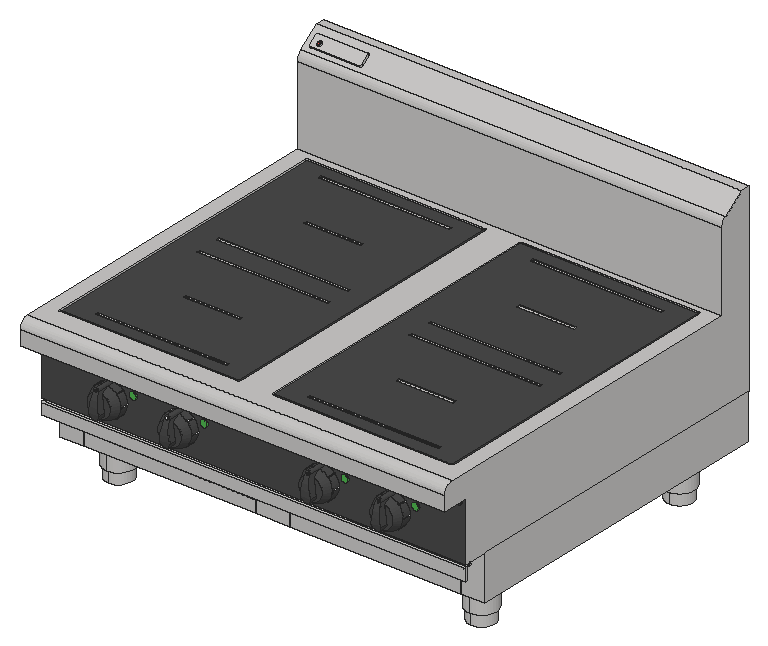
Revit family "QF_Moffat_INB8400R3-B_Induction_Cooktop_cat", category Specialty Equipment, Revit 2019
Family settings
  Round Connector Dimension = Use Diameter
  Part Type = Normal
  Work Plane-Based = No
  Always vertical = Yes
  Cut with Voids When Loaded = No
  Shared = No
  Room Calculation Point = No
Parameters (values of type "INB8400R3-B_415/60/3")
  Weight in Kilograms = 105
  Watts = 14000 W
  Volts = 415 V
  URL Cutsheet = ""
  Specification by User = ""
  Specification by Manufacturer = ""
  Show Logo [instance] = yes
  Serial Number = ""
  Seismic Rating = ""
  SMACNA No = ""
  Revision Code = ""
  Phase = 3
  Number of Poles = 1
  NAFEM Spec ID Number = ""
  Model = "INB8400R3-B"
  Min Ckt Ampacity = 0 A
  Max Overcurrent Protection = 0 A
  Masterspec = ""
  Manufacturer = "Moffat"
  Length = 900 mm
  Item Number = ""
  Installed By = ""
  Identify Quantity as Lot = yes
  Height = 570 mm
  HP = ""
  Furnished By = ""
  Foodservice Equipment Identifier = yes
  FL Amps = 20 A
  Electrical Remarks = ""
  Electric Connection Type = ""
  Elec Conn RI Height = 0 mm
  Elec Conn Connection Height = 0 mm
  Description = "Induction Cooktop"
  Depth = 805 mm
  Cycle = 60 Hz
  Conn Plug = ""
  Conn Conduit = yes
  CSI MasterFormat = ""
  Apparent Power = if(Phase = 3, Volts * FL Amps * 1.73, Volts * FL Amps)  # 14359 VA
Reference planes
  plane 1 "BACK": y = 0
  plane 2: z = 0
  plane 3 "LEFT": x = 0
  plane 4 "RIGHT": x = 900
  plane 5 "FRONT": y = -805
  plane 6 "TOP": z = 570
  plane 7 "Center Y": x = 450
  plane 8 "Center X": y = -402.5
  plane 9: x = 65.5
  plane 10: y = -30
  plane 11: x = 770
  plane 12: z = 85
  plane 13: y = -100
  plane 14: y = -625
  plane 15: y = -70
  plane 16: z = 355
  plane 17: z = 75
  plane 18: x = 834.5
Forms (mm)
  Extrusion 1, solid, material "QF_Metal_Stainless_Polished"
    sketch origin (0, 0, 0) x (0, 1, 0) y (0, 0, 1)
      loop
        line (0, 180) -> (0, 570) -> (-18.182, 570) -> (-60.863, 538.99)
        arc (-60.863, 538.99) -> (-67.584, 531.121) -> (-70, 521.058) r 22.165
        line (-70, 521.058) -> (-70, 355) -> (-784.417, 355)
        arc (-784.417, 355) -> (-798.971, 348.971) -> (-805, 334.417) r 20.583
        line (-805, 334.417) -> (-805, 305) -> (-749, 305) -> (-749, 180) -> (0, 180)
    from 0 to 900
  Extrusion 2, void
    sketch origin (0, -784.171, 355) x (0, 1, 0) y (-1, 0, 0)
      loop
        arc (699.341, -37.323) -> (697.584, -33.08) -> (693.341, -31.323) r 6
        line (693.341, -31.323) -> (45.245, -31.323)
        arc (45.245, -31.323) -> (41.002, -33.08) -> (39.245, -37.323) r 6
        line (39.245, -37.323) -> (39.245, -410.105)
        arc (39.245, -410.105) -> (41.002, -414.347) -> (45.245, -416.105) r 6
        line (45.245, -416.105) -> (693.341, -416.105)
        arc (693.341, -416.105) -> (697.584, -414.347) -> (699.341, -410.105) r 6
        line (699.341, -410.105) -> (699.341, -37.323)
      loop
        line (699.341, -862.677) -> (699.341, -489.895)
        arc (699.341, -489.895) -> (697.584, -485.653) -> (693.341, -483.895) r 6
        line (693.341, -483.895) -> (45.245, -483.895)
        arc (45.245, -483.895) -> (41.002, -485.653) -> (39.245, -489.895) r 6
        line (39.245, -489.895) -> (39.245, -862.677)
        arc (39.245, -862.677) -> (41.002, -866.92) -> (45.245, -868.677) r 6
        line (45.245, -868.677) -> (693.341, -868.677)
        arc (693.341, -868.677) -> (697.584, -866.92) -> (699.341, -862.677) r 6
    from 0 to -9.5
  Extrusion 3, solid, material "QF_Plastic_Black_Smooth"
    sketch origin (0, -784.171, 355) x (0, 1, 0) y (-1, 0, 0)
      loop
        line (695.341, -410.105) -> (695.341, -37.323)
        arc (695.341, -37.323) -> (694.755, -35.908) -> (693.341, -35.323) r 2
        line (693.341, -35.323) -> (45.245, -35.323)
        arc (45.245, -35.323) -> (43.831, -35.908) -> (43.245, -37.323) r 2
        line (43.245, -37.323) -> (43.245, -410.105)
        arc (43.245, -410.105) -> (43.831, -411.519) -> (45.245, -412.105) r 2
        line (45.245, -412.105) -> (693.341, -412.105)
        arc (693.341, -412.105) -> (694.755, -411.519) -> (695.341, -410.105) r 2
      loop
        line (667.194, -86.598) -> (661.194, -86.598) -> (661.194, -363.75) -> (667.194, -363.75) -> (667.194, -86.598)
      loop
        line (526.611, -163.924) -> (526.611, -283.924) -> (532.611, -283.924) -> (532.611, -163.924) -> (526.611, -163.924)
      loop
        line (398.444, -86.598) -> (392.444, -86.598) -> (392.444, -363.75) -> (398.444, -363.75) -> (398.444, -86.598)
      loop
        line (345.944, -86.598) -> (339.944, -86.598) -> (339.944, -363.75) -> (345.944, -363.75) -> (345.944, -86.598)
      loop
        line (206.611, -163.924) -> (206.611, -283.924) -> (212.611, -283.924) -> (212.611, -163.924) -> (206.611, -163.924)
      loop
        line (77.194, -86.598) -> (71.194, -86.598) -> (71.194, -363.75) -> (77.194, -363.75) -> (77.194, -86.598)
      loop
        arc (695.341, -489.895) -> (694.755, -488.481) -> (693.341, -487.895) r 2
        line (693.341, -487.895) -> (45.245, -487.895)
        arc (45.245, -487.895) -> (43.831, -488.481) -> (43.245, -489.895) r 2
        line (43.245, -489.895) -> (43.245, -862.677)
        arc (43.245, -862.677) -> (43.831, -864.092) -> (45.245, -864.677) r 2
        line (45.245, -864.677) -> (693.341, -864.677)
        arc (693.341, -864.677) -> (694.755, -864.092) -> (695.341, -862.677) r 2
        line (695.341, -862.677) -> (695.341, -489.895)
      loop
        line (667.194, -813.402) -> (667.194, -536.25) -> (661.194, -536.25) -> (661.194, -813.402) -> (667.194, -813.402)
      loop
        line (526.611, -736.076) -> (532.611, -736.076) -> (532.611, -616.076) -> (526.611, -616.076) -> (526.611, -736.076)
      loop
        line (398.444, -813.402) -> (398.444, -536.25) -> (392.444, -536.25) -> (392.444, -813.402) -> (398.444, -813.402)
      loop
        line (345.944, -813.402) -> (345.944, -536.25) -> (339.944, -536.25) -> (339.944, -813.402) -> (345.944, -813.402)
      loop
        line (206.611, -736.076) -> (212.611, -736.076) -> (212.611, -616.076) -> (206.611, -616.076) -> (206.611, -736.076)
      loop
        line (77.194, -813.402) -> (77.194, -536.25) -> (71.194, -536.25) -> (71.194, -813.402) -> (77.194, -813.402)
    from 0 to -9.5
  Extrusion 4, solid, material "QF_Metal_Stainless_Polished"
    sketch origin (0, 0, 40) x (0, 1, 0) y (0, 0, 1)
      loop
        line (-739.467, 140) -> (-738.192, 134.838)
        arc (-738.192, 134.838) -> (-738.307, 134.302) -> (-738.799, 134.063) r 0.625
        line (-738.799, 134.063) -> (-746.111, 134.063)
        arc (-746.111, 134.063) -> (-748.011, 133.276) -> (-748.797, 131.377) r 2.686
        line (-748.797, 131.377) -> (-748.797, 107.627) -> (-747.197, 107.627) -> (-747.197, 131.242)
        arc (-747.197, 131.242) -> (-746.84, 132.105) -> (-745.976, 132.463) r 1.221
        line (-745.976, 132.463) -> (-738.755, 132.463)
        arc (-738.755, 132.463) -> (-737.028, 133.304) -> (-736.625, 135.182) r 2.194
        line (-736.625, 135.182) -> (-737.815, 140) -> (-739.467, 140)
    from 0 to 900
  Extrusion 5, solid, material "QF_Plastic_Black_Smooth"
    sketch origin (0, -749, 181.875) x (0, 0, 1) y (-1, 0, 0)
      loop
        circle (112.843, -13.157) r 5
      loop
        circle (112.843, -886.843) r 5
    from 0 to 1.6
  Extrusion 6, solid, material "QF_Metal_Stainless_Polished"
    sketch origin (450, -699, 85) x (0, 1, 0) y (1, 0, 0)
      loop
        circle (669, 320) r 6.35
    from 0 to 10
  Extrusion 7, solid, material "QF_Metal_Stainless_Polished"
    sketch origin (0, -699, 85) x (1, 0, 0) y (0, -1, 0)
      loop
        line (0, -699) -> (900, -699) -> (900, 0) -> (849.2, 0) -> (849.2, -25.4) -> (485.8, -25.4) -> (485.8, 0) -> (414.2, 0) -> (414.2, -25.4) -> (50.8, -25.4) -> (50.8, 0) -> (0, 0) -> (0, -699)
    from 0 to -95
  Extrusion 8, solid, material "QF_Metal_Stainless_Polished"
    sketch origin (50.8, -30, 85) x (0, 1, 0) y (0, 0, 1)
      loop
        line (-669, 0) -> (-643.6, 0) -> (-643.6, 26.45) -> (-669, 26.45) -> (-669, 0)
      loop
        line (-669, 32.45) -> (-643.6, 32.45) -> (-643.6, 66.4) -> (-669, 66.4) -> (-669, 32.45)
      loop
        line (-669, 67.4) -> (-643.6, 67.4) -> (-643.6, 95) -> (-669, 95) -> (-669, 67.4)
    from 0 to 363.4
  Revolve 9, solid, material "QF_Metal_Stainless_Polished"
    sketch origin (65.5, -4572, -304.8) x (0, 0, -1) y (0, -1, 0)
      loop
        line (-304.8, -4499.5) -> (-304.8, -4472) -> (-389.8, -4472) -> (-389.8, -4503.75) -> (-329.8, -4503.75) -> (-329.8, -4499.5) -> (-304.8, -4499.5)
      axis (-389.8, -4472) -> (-304.8, -4472)
    angle from 0 to 360
  Revolve 10, solid, material "QF_Metal_Stainless_Polished"
    sketch origin (65.5, -4572, -304.8) x (0, 0, -1) y (0, -1, 0)
      loop
        line (-304.8, -3974.5) -> (-304.8, -3947) -> (-389.8, -3947) -> (-389.8, -3978.75) -> (-329.8, -3978.75) -> (-329.8, -3974.5) -> (-304.8, -3974.5)
      axis (-389.8, -3947) -> (-304.8, -3947)
    angle from 0 to 360
  Revolve 11, solid, material "QF_Metal_Stainless_Polished"
    sketch origin (834.5, -4572, -304.8) x (0, 0, -1) y (0, 1, 0)
      loop
        line (-304.8, 4499.5) -> (-329.8, 4499.5) -> (-329.8, 4503.75) -> (-389.8, 4503.75) -> (-389.8, 4472) -> (-304.8, 4472) -> (-304.8, 4499.5)
      axis (-389.8, 4472) -> (-304.8, 4472)
    angle from 0 to 360
  Revolve 12, solid, material "QF_Metal_Stainless_Polished"
    sketch origin (834.5, -4572, -304.8) x (0, 0, -1) y (0, 1, 0)
      loop
        line (-304.8, 3974.5) -> (-329.8, 3974.5) -> (-329.8, 3978.75) -> (-389.8, 3978.75) -> (-389.8, 3947) -> (-304.8, 3947) -> (-304.8, 3974.5)
      axis (-389.8, 3947) -> (-304.8, 3947)
    angle from 0 to 360
  Extrusion 13, solid, material "QF_Metal_Stainless_Polished"
    sketch origin (900, 0, 0) x (-1, 0, 0) y (0, -1, 0)
      loop
        line (536.25, 122.976) -> (536.25, 116.976) -> (813.402, 116.976) -> (813.402, 122.976) -> (536.25, 122.976)
      loop
        line (736.076, 251.56) -> (736.076, 257.56) -> (616.076, 257.56) -> (616.076, 251.56) -> (736.076, 251.56)
      loop
        line (813.402, 385.726) -> (813.402, 391.726) -> (536.25, 391.726) -> (536.25, 385.726) -> (813.402, 385.726)
      loop
        line (813.402, 438.226) -> (813.402, 444.226) -> (536.25, 444.226) -> (536.25, 438.226) -> (813.402, 438.226)
      loop
        line (736.076, 571.56) -> (736.076, 577.56) -> (616.076, 577.56) -> (616.076, 571.56) -> (736.076, 571.56)
      loop
        line (536.25, 712.976) -> (536.25, 706.976) -> (813.402, 706.976) -> (813.402, 712.976) -> (536.25, 712.976)
      loop
        line (363.75, 122.976) -> (86.598, 122.976) -> (86.598, 116.976) -> (363.75, 116.976) -> (363.75, 122.976)
      loop
        line (163.924, 251.56) -> (283.924, 251.56) -> (283.924, 257.56) -> (163.924, 257.56) -> (163.924, 251.56)
      loop
        line (86.598, 385.726) -> (363.75, 385.726) -> (363.75, 391.726) -> (86.598, 391.726) -> (86.598, 385.726)
      loop
        line (86.598, 438.226) -> (363.75, 438.226) -> (363.75, 444.226) -> (86.598, 444.226) -> (86.598, 438.226)
      loop
        line (163.924, 571.56) -> (283.924, 571.56) -> (283.924, 577.56) -> (163.924, 577.56) -> (163.924, 571.56)
      loop
        line (363.75, 712.976) -> (86.598, 712.976) -> (86.598, 706.976) -> (363.75, 706.976) -> (363.75, 712.976)
    from 355 to 345.5
  Extrusion 14, solid, material "QF_Paint_Green"
    sketch origin (63.231, -748.999, 153.75) x (0, 0, 1) y (-1, 0, 0)
      loop
        circle (100.3, -282.5) r 7.15
    from 0 to 1.6
  Extrusion 15, solid, material "QF_Plastic_Black_Smooth"
    sketch origin (75, -748.999, 165.625) x (0, 0, 1) y (-1, 0, 0)
      loop
        circle (112.843, -225) r 5
    from 0 to 1.6
  Extrusion 16, solid, material "QF_Paint_Green"
    sketch origin (-86.769, -748.999, 153.75) x (0, 0, 1) y (-1, 0, 0)
      loop
        circle (100.3, -282.5) r 7.15
    from 0 to 1.6
  Extrusion 17, solid, material "QF_Plastic_Black_Smooth"
    sketch origin (-75, -748.999, 165.625) x (0, 0, 1) y (-1, 0, 0)
      loop
        circle (112.843, -225) r 5
    from 0 to 1.6
  Extrusion 18, solid, material "QF_Paint_Green"
    sketch origin (511.981, -748.999, 153.75) x (0, 0, 1) y (-1, 0, 0)
      loop
        circle (100.3, -282.5) r 7.15
    from 0 to 1.6
  Extrusion 19, solid, material "QF_Plastic_Black_Smooth"
    sketch origin (523.75, -748.999, 165.625) x (0, 0, 1) y (-1, 0, 0)
      loop
        circle (112.843, -225) r 5
    from 0 to 1.6
  Extrusion 20, solid, material "QF_Paint_Green"
    sketch origin (361.981, -748.999, 153.75) x (0, 0, 1) y (-1, 0, 0)
      loop
        circle (100.3, -282.5) r 7.15
    from 0 to 1.6
  Extrusion 21, solid, material "QF_Plastic_Black_Smooth"
    sketch origin (373.75, -748.999, 165.625) x (0, 0, 1) y (-1, 0, 0)
      loop
        circle (112.843, -225) r 5
    from 0 to 1.6
  Extrusion 22, solid, material "QF_Metal_Stainless_Polished"
    sketch origin (849.2, -30, 85) x (0, 1, 0) y (0, 0, -1)
      loop
        line (-669, 0) -> (-669, -26.45) -> (-643.6, -26.45) -> (-643.6, 0) -> (-669, 0)
      loop
        line (-669, -32.45) -> (-669, -66.4) -> (-643.6, -66.4) -> (-643.6, -32.45) -> (-669, -32.45)
      loop
        line (-669, -67.4) -> (-669, -95) -> (-643.6, -95) -> (-643.6, -67.4) -> (-669, -67.4)
    from 0 to 363.4
Cuts and joins
  Extrusion 2 cuts Extrusion 1
Lines and regions (mm)
  symbolic lines
    curve 1: line (0, 0, 0) -> (900, 0, 0)
    curve 2: line (0, -805, 0) -> (0, 0, 0)
    curve 3: line (900, -805, 0) -> (0, -805, 0)
    curve 4: line (900, 0, 0) -> (900, -805, 0)
    curve 5: line (0, -18.182, 0) -> (900, -18.182, 0)
    curve 6: line (0, -70, 0) -> (900, -70, 0)
    curve 7: line (37.323, -84.83, 0) -> (410.105, -84.83, 0)
    curve 8: arc (410.105, -84.83, 0) -> (414.347, -86.587, 0) -> (416.105, -90.83, 0) r 6
    curve 9: line (416.105, -90.83, 0) -> (416.105, -738.926, 0)
    curve 10: arc (416.105, -738.926, 0) -> (414.347, -743.168, 0) -> (410.105, -744.926, 0) r 6
    curve 11: line (410.105, -744.926, 0) -> (37.323, -744.926, 0)
    curve 12: arc (37.323, -744.926, 0) -> (33.08, -743.168, 0) -> (31.323, -738.926, 0) r 6
    curve 13: line (31.323, -738.926, 0) -> (31.323, -90.83, 0)
    curve 14: arc (31.323, -90.83, 0) -> (33.08, -86.587, 0) -> (37.323, -84.83, 0) r 6
    curve 15: line (410.105, -88.83, 0) -> (37.323, -88.83, 0)
    curve 16: arc (37.323, -88.83, 0) -> (35.908, -89.415, 0) -> (35.323, -90.83, 0) r 2
    curve 17: line (35.323, -90.83, 0) -> (35.323, -738.926, 0)
    curve 18: arc (35.323, -738.926, 0) -> (35.908, -740.34, 0) -> (37.323, -740.926, 0) r 2
    curve 19: line (37.323, -740.926, 0) -> (410.105, -740.926, 0)
    curve 20: arc (410.105, -740.926, 0) -> (411.519, -740.34, 0) -> (412.105, -738.926, 0) r 2
    curve 21: line (412.105, -738.926, 0) -> (412.105, -90.83, 0)
    curve 22: arc (412.105, -90.83, 0) -> (411.519, -89.415, 0) -> (410.105, -88.83, 0) r 2
    curve 23: line (416.105, -738.926, 0) -> (416.105, -90.83, 0)
    curve 24: line (412.105, -90.83, 0) -> (412.105, -738.926, 0)
    curve 25: line (862.677, -84.83, 0) -> (489.895, -84.83, 0)
    curve 26: arc (489.895, -84.83, 0) -> (485.653, -86.587, 0) -> (483.895, -90.83, 0) r 6
    curve 27: arc (483.895, -738.926, 0) -> (485.653, -743.168, 0) -> (489.895, -744.926, 0) r 6
    curve 28: line (489.895, -744.926, 0) -> (862.677, -744.926, 0)
    curve 29: arc (862.677, -744.926, 0) -> (866.92, -743.168, 0) -> (868.677, -738.926, 0) r 6
    curve 30: line (868.677, -738.926, 0) -> (868.677, -90.83, 0)
    curve 31: arc (868.677, -90.83, 0) -> (866.92, -86.587, 0) -> (862.677, -84.83, 0) r 6
    curve 32: line (489.895, -88.83, 0) -> (862.677, -88.83, 0)
    curve 33: arc (862.677, -88.83, 0) -> (864.092, -89.415, 0) -> (864.677, -90.83, 0) r 2
    curve 34: line (864.677, -90.83, 0) -> (864.677, -738.926, 0)
    curve 35: arc (864.677, -738.926, 0) -> (864.092, -740.34, 0) -> (862.677, -740.926, 0) r 2
    curve 36: line (862.677, -740.926, 0) -> (489.895, -740.926, 0)
    curve 37: arc (489.895, -740.926, 0) -> (488.481, -740.34, 0) -> (487.895, -738.926, 0) r 2
    curve 38: arc (487.895, -90.83, 0) -> (488.481, -89.415, 0) -> (489.895, -88.83, 0) r 2
    curve 39: line (487.895, -90.83, 0) -> (487.895, -738.926, 0)
    curve 40: arc (487.895, -738.926, 0) -> (488.481, -740.34, 0) -> (489.895, -740.926, 0) r 2
    curve 41: line (489.895, -740.926, 0) -> (862.677, -740.926, 0)
    curve 42: arc (862.677, -740.926, 0) -> (864.092, -740.34, 0) -> (864.677, -738.926, 0) r 2
    curve 43: line (864.677, -738.926, 0) -> (864.677, -90.83, 0)
    curve 44: arc (864.677, -90.83, 0) -> (864.092, -89.415, 0) -> (862.677, -88.83, 0) r 2
    curve 45: line (862.677, -88.83, 0) -> (489.895, -88.83, 0)
    curve 46: arc (489.895, -88.83, 0) -> (488.481, -89.415, 0) -> (487.895, -90.83, 0) r 2
    curve 47: line (483.895, -90.83, 0) -> (483.895, -738.926, 0)
    curve 48: arc (483.895, -738.926, 0) -> (485.653, -743.168, 0) -> (489.895, -744.926, 0) r 6
    curve 49: line (489.895, -744.926, 0) -> (862.677, -744.926, 0)
    curve 50: arc (862.677, -744.926, 0) -> (866.92, -743.168, 0) -> (868.677, -738.926, 0) r 6
    curve 51: line (868.677, -738.926, 0) -> (868.677, -90.83, 0)
    curve 52: arc (868.677, -90.83, 0) -> (866.92, -86.587, 0) -> (862.677, -84.83, 0) r 6
    curve 53: line (862.677, -84.83, 0) -> (489.895, -84.83, 0)
    curve 54: arc (489.895, -84.83, 0) -> (485.653, -86.587, 0) -> (483.895, -90.83, 0) r 6
    curve 55: line (86.598, -122.976, 0) -> (363.75, -122.976, 0)
    curve 56: line (363.75, -122.976, 0) -> (363.75, -116.976, 0)
    curve 57: line (363.75, -116.976, 0) -> (86.598, -116.976, 0)
    curve 58: line (86.598, -116.976, 0) -> (86.598, -122.976, 0)
    curve 59: line (283.924, -251.56, 0) -> (163.924, -251.56, 0)
    curve 60: line (163.924, -251.56, 0) -> (163.924, -257.56, 0)
    curve 61: line (163.924, -257.56, 0) -> (283.924, -257.56, 0)
    curve 62: line (283.924, -257.56, 0) -> (283.924, -251.56, 0)
    curve 63: line (536.25, -122.976, 0) -> (813.402, -122.976, 0)
    curve 64: line (813.402, -122.976, 0) -> (813.402, -116.976, 0)
    curve 65: line (813.402, -116.976, 0) -> (536.25, -116.976, 0)
    curve 66: line (536.25, -116.976, 0) -> (536.25, -122.976, 0)
    curve 67: line (813.402, -706.976, 0) -> (536.25, -706.976, 0)
    curve 68: line (536.25, -706.976, 0) -> (536.25, -712.976, 0)
    curve 69: line (536.25, -712.976, 0) -> (813.402, -712.976, 0)
    curve 70: line (813.402, -712.976, 0) -> (813.402, -706.976, 0)
    curve 71: line (86.598, -712.976, 0) -> (363.75, -712.976, 0)
    curve 72: line (363.75, -712.976, 0) -> (363.75, -706.976, 0)
    curve 73: line (363.75, -706.976, 0) -> (86.598, -706.976, 0)
    curve 74: line (86.598, -706.976, 0) -> (86.598, -712.976, 0)
    curve 75: line (283.924, -577.56, 0) -> (163.924, -577.56, 0)
    curve 76: line (163.924, -577.56, 0) -> (163.924, -571.56, 0)
    curve 77: line (163.924, -571.56, 0) -> (283.924, -571.56, 0)
    curve 78: line (283.924, -571.56, 0) -> (283.924, -577.56, 0)
    curve 79: line (86.598, -444.226, 0) -> (363.75, -444.226, 0)
    curve 80: line (363.75, -444.226, 0) -> (363.75, -438.226, 0)
    curve 81: line (363.75, -438.226, 0) -> (86.598, -438.226, 0)
    curve 82: line (86.598, -438.226, 0) -> (86.598, -444.226, 0)
    curve 83: line (86.598, -391.726, 0) -> (363.75, -391.726, 0)
    curve 84: line (363.75, -391.726, 0) -> (363.75, -385.726, 0)
    curve 85: line (363.75, -385.726, 0) -> (86.598, -385.726, 0)
    curve 86: line (86.598, -385.726, 0) -> (86.598, -391.726, 0)
    curve 87: line (813.402, -385.726, 0) -> (536.25, -385.726, 0)
    curve 88: line (536.25, -385.726, 0) -> (536.25, -391.726, 0)
    curve 89: line (536.25, -391.726, 0) -> (813.402, -391.726, 0)
    curve 90: line (813.402, -391.726, 0) -> (813.402, -385.726, 0)
    curve 91: line (616.076, -257.56, 0) -> (736.076, -257.56, 0)
    curve 92: line (736.076, -257.56, 0) -> (736.076, -251.56, 0)
    curve 93: line (736.076, -251.56, 0) -> (616.076, -251.56, 0)
    curve 94: line (616.076, -251.56, 0) -> (616.076, -257.56, 0)
    curve 95: line (536.25, -122.976, 0) -> (813.402, -122.976, 0)
    curve 96: line (813.402, -122.976, 0) -> (813.402, -116.976, 0)
    curve 97: line (813.402, -116.976, 0) -> (536.25, -116.976, 0)
    curve 98: line (536.25, -116.976, 0) -> (536.25, -122.976, 0)
    curve 99: line (813.402, -438.226, 0) -> (536.25, -438.226, 0)
    curve 100: line (536.25, -438.226, 0) -> (536.25, -444.226, 0)
    curve 101: line (536.25, -444.226, 0) -> (813.402, -444.226, 0)
    curve 102: line (813.402, -444.226, 0) -> (813.402, -438.226, 0)
    curve 103: line (736.076, -571.56, 0) -> (616.076, -571.56, 0)
    curve 104: line (616.076, -571.56, 0) -> (616.076, -577.56, 0)
    curve 105: line (616.076, -577.56, 0) -> (736.076, -577.56, 0)
    curve 106: line (736.076, -577.56, 0) -> (736.076, -571.56, 0)
    curve 107: line (813.402, -706.976, 0) -> (536.25, -706.976, 0)
    curve 108: line (536.25, -706.976, 0) -> (536.25, -712.976, 0)
    curve 109: line (536.25, -712.976, 0) -> (813.402, -712.976, 0)
    curve 110: line (813.402, -712.976, 0) -> (813.402, -706.976, 0)
Dimensions and locks
  equal spacing: plane 3 "LEFT", plane 7 "Center Y", plane 4 "RIGHT"
  "Length": plane 3 "LEFT" to plane 4 "RIGHT"
  equal spacing: plane 5 "FRONT", plane 8 "Center X", plane 1 "BACK"
  "Depth": plane 5 "FRONT" to plane 1 "BACK"
  "Height": plane 6 "TOP" to level
  plane 4 "RIGHT" to plane 3 "LEFT" = 900 mm
  plane 1 "BACK" to plane 5 "FRONT" = 805 mm
  plane 6 "TOP" to plane 2 = 570 mm
  locked: plane 11 to plane 4 "RIGHT" at 130
  plane 1 "BACK" to plane 10 = 30 mm
  plane 1 "BACK" to plane 13 to plane 14 = 100 mm, 525 mm
  plane 1 "BACK" to plane 15 = 70 mm
  plane 16 to level = 355 mm
  level to plane 12 = 85 mm
  plane 17 to level = 75 mm
  plane 11 to plane 4 "RIGHT" = 130 mm
  plane 18 to plane 9 = 769 mm
  locked: plane 4 "RIGHT" to plane 18 at 65.5
  aligned and locked: level to plane 2
  aligned and locked: plane 18 to Revolve 12
  aligned and locked: plane 18 to Revolve 11
  aligned and locked: Extrusion 7 sketch curve to plane 4 "RIGHT"
  aligned and locked: Extrusion 4 to plane 4 "RIGHT"
  aligned and locked: Extrusion 22 to Extrusion 7  (x2)
Automatic sketch dimensions
  Extrusion 1 sketch curve to plane 5 "FRONT" = 0 mm
  Extrusion 1 sketch curve to plane 16 = 0 mm
  Extrusion 1 sketch curve to plane 15 = 0 mm
  Extrusion 1 sketch curve to plane 6 "TOP" = 0 mm
  Extrusion 1 sketch curve to plane 1 "BACK" = 0 mm
  Extrusion 1 sketch curve to plane 5 "FRONT" = 20.583 mm
  Extrusion 1 sketch curve to plane 5 "FRONT" = 56 mm
  Extrusion 1 sketch curve to plane 15 = 9.137 mm
  plane 10 to Extrusion 1 sketch curve = 17.835 mm
  Extrusion 1 sketch curve to plane 10 = 11.818 mm
  Extrusion 1 sketch curve to Extrusion 1 sketch curve = 29.417 mm
  Extrusion 1 sketch curve to plane 12 = 95 mm
  Extrusion 1 sketch curve to plane 6 "TOP" = 48.942 mm
  Extrusion 4 sketch curve to plane 5 "FRONT" = 56.203 mm
  Extrusion 4 sketch curve to Extrusion 4 sketch curve = 1.6 mm
  Extrusion 4 sketch curve to Extrusion 4 sketch curve = 1.086 mm
  Extrusion 4 sketch curve to Extrusion 4 sketch curve = 0.135 mm  (x2)
  Extrusion 4 sketch curve to Extrusion 4 sketch curve = 6.644 mm
  Extrusion 4 sketch curve to Extrusion 4 sketch curve = 0.668 mm
  Extrusion 4 sketch curve to Extrusion 4 sketch curve = 0.044 mm
  Extrusion 4 sketch curve to Extrusion 4 sketch curve = 0.563 mm
  Extrusion 4 sketch curve to Extrusion 4 sketch curve = 1.652 mm
  Extrusion 4 sketch curve to Extrusion 4 sketch curve = 1.567 mm
  Extrusion 4 sketch curve to plane 12 = 62.627 mm
  Extrusion 4 sketch curve to Extrusion 4 sketch curve = 23.614 mm
  Extrusion 4 sketch curve to Extrusion 4 sketch curve = 0.594 mm
  Extrusion 4 sketch curve to Extrusion 4 sketch curve = 0.032 mm
  Extrusion 4 sketch curve to Extrusion 4 sketch curve = 5.162 mm
  Extrusion 1 to Extrusion 5 sketch curve = 10.282 mm  (x2)
  Extrusion 1 to Extrusion 5 sketch curve = 13.157 mm  (x2)
  plane 12 to Revolve 9 sketch curve = 0 mm
  Revolve 9 sketch curve to level = 0 mm  (x2)
  Revolve 9 sketch curve to plane 13 = 0 mm  (x2)
  plane 15 to Revolve 9 sketch curve = 2.5 mm
  level to Revolve 9 sketch curve = 25 mm
  Revolve 9 sketch curve to plane 15 = 1.75 mm
  Revolve 9 sketch curve to Revolve 9 sketch curve = 25 mm
  plane 12 to Revolve 10 sketch curve = 0 mm
  Revolve 10 sketch curve to level = 0 mm  (x2)
  Revolve 10 sketch curve to plane 14 = 0 mm  (x2)
  level to Revolve 10 sketch curve = 25 mm
  Revolve 10 sketch curve to Revolve 10 sketch curve = 27.5 mm
  Revolve 10 sketch curve to Revolve 10 sketch curve = 31.75 mm
  Revolve 10 sketch curve to Revolve 10 sketch curve = 25 mm
  plane 12 to Revolve 11 sketch curve = 0 mm
  Revolve 11 sketch curve to level = 0 mm  (x2)
  Revolve 11 sketch curve to plane 13 = 0 mm  (x2)
  plane 15 to Revolve 11 sketch curve = 2.5 mm
  Revolve 11 sketch curve to Revolve 11 sketch curve = 25 mm
  Revolve 11 sketch curve to plane 15 = 1.75 mm
  Revolve 11 sketch curve to level = 25 mm
  plane 12 to Revolve 12 sketch curve = 0 mm
  Revolve 12 sketch curve to level = 0 mm  (x2)
  Revolve 12 sketch curve to plane 14 = 0 mm  (x2)
  level to Revolve 12 sketch curve = 25 mm
  Revolve 12 sketch curve to plane 14 = 27.5 mm
  Revolve 12 sketch curve to Revolve 12 sketch curve = 4.25 mm
  Revolve 12 sketch curve to Revolve 12 sketch curve = 25 mm
  Extrusion 16 sketch curve to plane 16 = 100.95 mm
  Extrusion 16 sketch curve to plane 9 = 130.231 mm
  Extrusion 17 sketch curve to plane 16 = 76.532 mm
  Extrusion 17 sketch curve to plane 9 = 84.5 mm
  Extrusion 18 sketch curve to plane 11 = 24.481 mm
  Extrusion 18 sketch curve to plane 16 = 100.95 mm
  Extrusion 19 sketch curve to plane 16 = 76.532 mm
  plane 11 to Extrusion 19 sketch curve = 21.25 mm
  plane 12 to Extrusion 22 sketch curve = 0 mm
  plane 14 to Extrusion 22 sketch curve = 74 mm
  Extrusion 22 sketch curve to Extrusion 22 sketch curve = 0 mm  (x4)
  Extrusion 22 sketch curve to Extrusion 22 sketch curve = 25.4 mm
  Extrusion 22 sketch curve to plane 12 = 26.45 mm
  Extrusion 22 sketch curve to Extrusion 22 sketch curve = 6 mm
  Extrusion 22 sketch curve to Extrusion 22 sketch curve = 33.95 mm
  Extrusion 22 sketch curve to Extrusion 22 sketch curve = 1 mm
  Extrusion 22 sketch curve to Extrusion 22 sketch curve = 27.6 mm
  Extrusion 7 to Extrusion 6 sketch curve = 30 mm
  Extrusion 6 sketch curve to Extrusion 7 = 79.2 mm
  Extrusion 7 sketch curve to plane 3 "LEFT" = 0 mm
  plane 1 "BACK" to Extrusion 7 sketch curve = 0 mm
  plane 9 to Extrusion 7 sketch curve = 14.7 mm
  Extrusion 7 sketch curve to plane 7 "Center Y" = 35.8 mm
  plane 7 "Center Y" to Extrusion 7 sketch curve = 35.8 mm
  plane 18 to Extrusion 7 sketch curve = 14.7 mm
  plane 14 to Extrusion 7 sketch curve = 48.6 mm  (x2)
  Extrusion 7 sketch curve to Extrusion 7 sketch curve = 25.4 mm  (x3)
  Extrusion 8 sketch curve to Extrusion 7 = 0 mm  (x8)
  Extrusion 7 to Extrusion 8 sketch curve = 26.45 mm
  Extrusion 8 sketch curve to Extrusion 8 sketch curve = 6 mm
  Extrusion 7 to Extrusion 8 sketch curve = 28.6 mm
  Extrusion 8 sketch curve to Extrusion 8 sketch curve = 1 mm
  Extrusion 14 sketch curve to plane 7 "Center Y" = 104.269 mm
  Extrusion 14 sketch curve to plane 16 = 100.95 mm
  Extrusion 15 sketch curve to plane 16 = 76.532 mm
  Extrusion 15 sketch curve to plane 7 "Center Y" = 150 mm
  Extrusion 20 sketch curve to plane 16 = 100.95 mm
  plane 7 "Center Y" to Extrusion 20 sketch curve = 194.481 mm
  Extrusion 21 sketch curve to plane 16 = 76.532 mm
  plane 7 "Center Y" to Extrusion 21 sketch curve = 148.75 mm
  Extrusion 2 sketch curve to Extrusion 1 = 39.492 mm  (x2)
  Extrusion 2 sketch curve to Extrusion 2 sketch curve = 6 mm  (x6)
  Extrusion 1 to Extrusion 2 sketch curve = 20.83 mm  (x4)
  Extrusion 1 to Extrusion 2 sketch curve = 31.323 mm
  Extrusion 2 sketch curve to Extrusion 2 sketch curve = 372.782 mm
  Extrusion 2 sketch curve to Extrusion 2 sketch curve = 67.791 mm
  Extrusion 1 to Extrusion 2 sketch curve = 37.323 mm
  Extrusion 3 sketch curve to Extrusion 1 = 43.492 mm  (x2)
  Extrusion 3 sketch curve to Extrusion 3 sketch curve = 2 mm  (x6)
  Extrusion 3 sketch curve to Extrusion 3 sketch curve = 25.949 mm  (x2)
  Extrusion 3 sketch curve to Extrusion 3 sketch curve = 6 mm  (x12)
  Extrusion 3 sketch curve to Extrusion 3 sketch curve = 129.416 mm  (x2)
  Extrusion 3 sketch curve to Extrusion 3 sketch curve = 127.334 mm  (x2)
  Extrusion 3 sketch curve to Extrusion 3 sketch curve = 46.5 mm  (x2)
  Extrusion 3 sketch curve to Extrusion 3 sketch curve = 128.166 mm  (x2)
  Extrusion 1 to Extrusion 3 sketch curve = 52.976 mm  (x2)
  Extrusion 1 to Extrusion 3 sketch curve = 20.83 mm  (x4)
  Extrusion 1 to Extrusion 3 sketch curve = 35.323 mm
  Extrusion 3 sketch curve to Extrusion 3 sketch curve = 49.275 mm  (x2)
  Extrusion 1 to Extrusion 3 sketch curve = 86.598 mm  (x4)
  Extrusion 3 sketch curve to Extrusion 3 sketch curve = 0 mm  (x4)
  Extrusion 3 sketch curve to Extrusion 3 sketch curve = 77.326 mm  (x2)
  Extrusion 3 sketch curve to Extrusion 3 sketch curve = 120 mm  (x4)
  Extrusion 3 sketch curve to Extrusion 3 sketch curve = 79.826 mm  (x5)
  Extrusion 3 sketch curve to Extrusion 3 sketch curve = 46.355 mm  (x3)
  Extrusion 3 sketch curve to Extrusion 3 sketch curve = 75.791 mm
  Extrusion 3 sketch curve to Extrusion 3 sketch curve = 172.5 mm
  Extrusion 1 to Extrusion 3 sketch curve = 37.323 mm
  plane 18 to Extrusion 13 sketch curve = 21.098 mm  (x4)
  Extrusion 13 sketch curve to plane 11 = 33.924 mm  (x2)
  plane 14 to Extrusion 13 sketch curve = 47.44 mm
  Extrusion 13 sketch curve to Extrusion 13 sketch curve = 120 mm  (x2)
  plane 8 "Center X" to Extrusion 13 sketch curve = 41.726 mm  (x2)
  Extrusion 13 sketch curve to plane 7 "Center Y" = 86.25 mm  (x3)
  Extrusion 13 sketch curve to plane 8 "Center X" = 16.774 mm  (x2)
  Extrusion 13 sketch curve to Extrusion 13 sketch curve = 0 mm  (x2)
  Extrusion 13 sketch curve to plane 13 = 22.976 mm
  plane 7 "Center Y" to Extrusion 13 sketch curve = 86.25 mm  (x3)
  Extrusion 13 sketch curve to plane 13 = 16.976 mm
  plane 14 to Extrusion 13 sketch curve = 53.44 mm
  Extrusion 13 sketch curve to Extrusion 13 sketch curve = 79.826 mm  (x2)
  plane 9 to Extrusion 13 sketch curve = 98.424 mm  (x2)
  plane 9 to Extrusion 13 sketch curve = 21.098 mm  (x4)
  Extrusion 13 sketch curve to plane 14 = 81.976 mm  (x2)
  Extrusion 13 sketch curve to Extrusion 13 sketch curve = 6 mm  (x12)
  Extrusion 13 sketch curve to plane 8 "Center X" = 144.94 mm  (x2)
  curve 8 to curve 22 = 0 mm
  curve 10 to curve 20 = 0 mm  (x2)
  curve 12 to curve 18 = 0 mm  (x2)
  curve 14 to curve 16 = 0 mm  (x2)
  curve 27 to curve 37 = 0 mm
  curve 27 to curve 40 = 0 mm
  curve 29 to curve 35 = 0 mm  (x2)
  curve 38 to curve 54 = 0 mm
  curve 44 to curve 52 = 0 mm  (x2)
  plane 1 "BACK" to curve 1 = 0 mm
  curve 1 to plane 3 "LEFT" = 0 mm
  curve 6 to plane 4 "RIGHT" = 0 mm
  plane 5 "FRONT" to curve 3 = 0 mm
  plane 15 to curve 6 = 0 mm
  plane 3 "LEFT" to curve 13 = 31.323 mm
  curve 13 to curve 17 = 4 mm
  curve 16 to curve 16 = 2 mm
  curve 17 to curve 18 = 2 mm
  curve 85 to plane 9 = 21.098 mm
  curve 82 to plane 9 = 21.098 mm
  curve 71 to plane 9 = 21.098 mm
  curve 55 to plane 9 = 21.098 mm
  curve 77 to plane 9 = 98.424 mm
  curve 59 to plane 9 = 98.424 mm
  curve 60 to curve 62 = 120 mm
  curve 77 to plane 14 = 53.44 mm
  curve 76 to curve 77 = 120 mm
  plane 13 to curve 57 = 16.976 mm
  curve 57 to plane 7 "Center Y" = 86.25 mm
  curve 72 to plane 7 "Center Y" = 86.25 mm
  plane 8 "Center X" to curve 85 = 16.774 mm
  curve 85 to plane 7 "Center Y" = 86.25 mm
  curve 79 to curve 83 = 0 mm
  curve 10 to plane 7 "Center Y" = 39.895 mm
  plane 15 to curve 7 = 14.83 mm
  curve 7 to plane 7 "Center Y" = 39.895 mm
  curve 20 to curve 24 = 2 mm
  plane 7 "Center Y" to curve 47 = 33.895 mm
  curve 26 to curve 39 = 4 mm
  curve 46 to curve 45 = 2 mm
  curve 37 to curve 36 = 2 mm
  plane 8 "Center X" to curve 88 = 16.774 mm
  plane 7 "Center Y" to curve 88 = 86.25 mm
  curve 27 to curve 108 = 46.355 mm
  curve 101 to curve 88 = 0 mm
  plane 13 to curve 98 = 22.976 mm
  curve 46 to curve 98 = 46.355 mm
  curve 63 to curve 93 = 79.826 mm
  curve 105 to plane 14 = 47.44 mm
  curve 67 to curve 105 = 79.826 mm
  plane 11 to curve 106 = 33.924 mm
  plane 11 to curve 93 = 33.924 mm
  curve 90 to plane 18 = 21.098 mm
  curve 110 to plane 18 = 21.098 mm
  curve 95 to plane 18 = 21.098 mm
  curve 99 to plane 18 = 21.098 mm
  plane 18 to curve 53 = 28.177 mm
  plane 18 to curve 28 = 28.177 mm
  curve 31 to curve 34 = 2 mm
  curve 11 to plane 5 "FRONT" = 60.074 mm
  curve 49 to plane 5 "FRONT" = 60.074 mm
  curve 29 to curve 109 = 25.949 mm
  curve 18 to curve 74 = 25.949 mm
  curve 71 to curve 73 = 6 mm
  curve 69 to curve 70 = 6 mm
  curve 75 to curve 77 = 6 mm
  curve 105 to curve 106 = 6 mm
  curve 101 to plane 8 "Center X" = 41.726 mm
  curve 82 to plane 8 "Center X" = 41.726 mm
  curve 101 to curve 99 = 6 mm
  curve 79 to curve 82 = 6 mm
  curve 90 to curve 87 = 6 mm
  curve 84 to curve 84 = 6 mm
  plane 8 "Center X" to curve 92 = 144.94 mm
  plane 8 "Center X" to curve 62 = 144.94 mm
  curve 60 to curve 59 = 6 mm
  curve 91 to curve 94 = 6 mm
  curve 56 to curve 56 = 6 mm
  curve 63 to curve 98 = 6 mm
  curve 54 to plane 13 = 9.17 mm
  curve 5 to plane 10 = 11.818 mm
  radius of Extrusion 5 sketch curve = 5 mm  (x2)
  radius of Extrusion 16 sketch curve = 7.15 mm
  radius of Extrusion 17 sketch curve = 5 mm
  radius of Extrusion 18 sketch curve = 7.15 mm
  radius of Extrusion 19 sketch curve = 5 mm
  radius of Extrusion 6 sketch curve = 6.35 mm
  radius of Extrusion 14 sketch curve = 7.15 mm
  radius of Extrusion 15 sketch curve = 5 mm
  radius of Extrusion 20 sketch curve = 7.15 mm
  radius of Extrusion 21 sketch curve = 5 mm
Nested families
  nested 1: "QF_LOGO_Waldorf" at (12, -52.35, 545.175), visible <- "Show Logo", type "QF_LOGO_Waldorf"
  nested 2: "Knob" at (267.5, -739.499, 200.75), type "Knob"
  nested 3: "Knob" at (117.5, -739.499, 200.75), type "Knob"
  nested 4: "Knob" at (716.25, -739.499, 200.75), type "Knob"
  nested 5: "Knob" at (566.25, -739.499, 200.75), type "Knob"
Connectors
  electrical at (770, -30, 75), driven by "Volts", driven by "Watts"
    settings: on Extrusion 6, index 3, voltage 415 V, apparent load 14000 VA, apparent load phase1 0 VA, apparent load phase2 0 VA, apparent load phase3 0 VA, power factor 1, load classification "Other", number of poles 1, system type 30, power factor state 1, is connector primary yes, connector utility no, sub classification motor no, connector description "ELECTRICAL CONNECTION"
Definition of nested family "QF_LOGO_Waldorf"
  Parameters (values of type "QF_LOGO_Waldorf")
    Weight in Pounds = 0
    URL Cutsheet = ""
    Specification by User = ""
    Specification by Manufacturer = ""
    Serial Number = ""
    Seismic Rating = ""
    SMACNA No = ""
    Revision Code = ""
    NAFEM Spec ID Number = ""
    Masterspec = ""
    Length = 138 mm
    Item Number = ""
    Installed By = ""
    Identify Quantity as Lot = yes
    Height = 26.711 mm
    Furnished By = ""
    Foodservice Equipment Identifier = yes
    Depth = 3.175 mm
    CSI MasterFormat = ""
  Reference planes
    plane 1 "BACK": y = 0
    plane 2: z = 0
    plane 3 "LEFT": x = 0
    plane 4 "RIGHT": x = 138
    plane 5 "FRONT": y = -3.175
    plane 6 "TOP": z = 26.711
    plane 7 "Center Y": x = 69
    plane 8 "Center X": y = -1.587
  Forms (mm)
    Extrusion 1, solid
      sketch origin (0, 0, 0) x (1, 0, 0) y (0, 0.809017, 0.587785)
        loop
          line (109, 3.464) -> (109, 23.247)
          spline (109, 23.247) -> (108.966, 23.699) -> (108.864, 24.143) -> (108.696, 24.572) -> (108.464, 24.979) -> (108.173, 25.355) -> (107.828, 25.696) -> (107.435, 25.995) -> (107, 26.247) -> (106.531, 26.447) -> (106.035, 26.593) -> (105.522, 26.681) -> (105, 26.711)
          line (105, 26.711) -> (4, 26.711)
          spline (4, 26.711) -> (3.478, 26.681) -> (2.965, 26.593) -> (2.469, 26.447) -> (2, 26.247) -> (1.565, 25.995) -> (1.172, 25.696) -> (0.827, 25.355) -> (0.536, 24.979) -> (0.304, 24.572) -> (0.136, 24.143) -> (0.034, 23.699) -> (0, 23.247)
          line (0, 23.247) -> (0, 3.464)
          spline (0, 3.464) -> (0.034, 3.012) -> (0.136, 2.568) -> (0.304, 2.138) -> (0.536, 1.732) -> (0.827, 1.355) -> (1.172, 1.015) -> (1.565, 0.716) -> (2, 0.464) -> (2.469, 0.264) -> (2.965, 0.118) -> (3.478, 0.03) -> (4, 0)
          line (4, 0) -> (105, 0)
          spline (105, 0) -> (105.522, 0.03) -> (106.035, 0.118) -> (106.531, 0.264) -> (107, 0.464) -> (107.435, 0.716) -> (107.828, 1.015) -> (108.173, 1.355) -> (108.464, 1.732) -> (108.696, 2.138) -> (108.864, 2.568) -> (108.966, 3.012) -> (109, 3.464)
        loop
          line (14.75, 7.005) -> (14.75, 15.654)
          arc (14.75, 15.654) -> (10.425, 11.329) -> (14.75, 7.005) r 4.325
        loop
          line (15.25, 15.654) -> (15.25, 7.005)
          arc (15.25, 7.005) -> (19.575, 11.329) -> (15.25, 15.654) r 4.325
      from 0 to 3.2
    Extrusion 2, solid
      sketch origin (0, 0, 0) x (1, 0, 0) y (0, 0.809017, 0.587785)
        loop
          line (15.25, 15.654) -> (15.25, 7.005)
          arc (15.25, 7.005) -> (19.575, 11.329) -> (15.25, 15.654) r 4.325
      from 0 to 3.2
    Extrusion 3, solid
      sketch origin (16.271, 0, 0) x (-1, 0, 0) y (0, -0.809017, -0.587785)
        loop
          arc (1.521, -15.654) -> (5.846, -11.329) -> (1.521, -7.005) r 4.325
          line (1.521, -7.005) -> (1.521, -15.654)
      from 0 to 3.2
  Lines and regions (mm)
    Split face 1
      outline origin (0, -1.881, 2.589) x (1, 0, 0) y (0, 0.809017, 0.587785)
        loop
          spline (22.129, 16.975) -> (22.389, 15.984) -> (22.649, 15.002) -> (22.91, 14.028) -> (23.172, 13.065) -> (23.433, 12.11) -> (23.695, 11.166) -> (23.956, 10.232) -> (24.218, 9.308) -> (24.479, 8.396) -> (24.74, 7.495) -> (25, 6.605) -> (25.26, 5.728)
          line (25.26, 5.728) -> (29.463, 5.728)
          spline (29.463, 5.728) -> (29.582, 6.252) -> (29.701, 6.78) -> (29.82, 7.313) -> (29.939, 7.85) -> (30.058, 8.391) -> (30.178, 8.936) -> (30.297, 9.485) -> (30.416, 10.038) -> (30.536, 10.594) -> (30.655, 11.155) -> (30.775, 11.719) -> (30.894, 12.287)
          spline (30.894, 12.287) -> (31.018, 11.719) -> (31.142, 11.155) -> (31.266, 10.594) -> (31.39, 10.038) -> (31.514, 9.485) -> (31.638, 8.936) -> (31.762, 8.391) -> (31.885, 7.85) -> (32.009, 7.313) -> (32.133, 6.78) -> (32.256, 6.252) -> (32.379, 5.728)
          line (32.379, 5.728) -> (36.51, 5.728)
          spline (36.51, 5.728) -> (36.766, 6.605) -> (37.023, 7.495) -> (37.28, 8.396) -> (37.538, 9.308) -> (37.795, 10.232) -> (38.053, 11.166) -> (38.311, 12.11) -> (38.569, 13.065) -> (38.826, 14.028) -> (39.083, 15.002) -> (39.34, 15.984) -> (39.597, 16.975)
          line (39.597, 16.975) -> (35.637, 16.975)
          spline (35.637, 16.975) -> (35.523, 16.334) -> (35.41, 15.697) -> (35.296, 15.063) -> (35.182, 14.433) -> (35.068, 13.807) -> (34.954, 13.185) -> (34.84, 12.566) -> (34.726, 11.952) -> (34.612, 11.342) -> (34.497, 10.737) -> (34.383, 10.135) -> (34.269, 9.538)
          spline (34.269, 9.538) -> (34.138, 10.135) -> (34.008, 10.737) -> (33.877, 11.342) -> (33.746, 11.952) -> (33.616, 12.566) -> (33.485, 13.185) -> (33.354, 13.807) -> (33.224, 14.433) -> (33.093, 15.063) -> (32.963, 15.697) -> (32.833, 16.334) -> (32.703, 16.975)
          line (32.703, 16.975) -> (29.247, 16.975)
          spline (29.247, 16.975) -> (29.111, 16.334) -> (28.974, 15.697) -> (28.837, 15.063) -> (28.7, 14.433) -> (28.562, 13.807) -> (28.425, 13.185) -> (28.288, 12.566) -> (28.15, 11.952) -> (28.013, 11.342) -> (27.875, 10.737) -> (27.738, 10.135) -> (27.6, 9.538)
          spline (27.6, 9.538) -> (27.483, 10.135) -> (27.366, 10.737) -> (27.249, 11.342) -> (27.132, 11.952) -> (27.015, 12.566) -> (26.897, 13.185) -> (26.78, 13.807) -> (26.663, 14.433) -> (26.546, 15.063) -> (26.43, 15.697) -> (26.313, 16.334) -> (26.196, 16.975)
          line (26.196, 16.975) -> (22.129, 16.975)
    Split face 2
      outline origin (0, -1.881, 2.589) x (1, 0, 0) y (0, 0.809017, 0.587785)
        loop
          line (51.449, 5.728) -> (51.035, 6.606) -> (51.035, 11.169)
          spline (51.035, 11.169) -> (50.686, 12.42) -> (50.176, 13.224) -> (49.51, 13.708) -> (48.693, 13.995) -> (47.747, 14.152) -> (46.698, 14.207) -> (45.579, 14.186) -> (44.419, 14.114) -> (43.279, 13.929) -> (42.249, 13.481) -> (41.424, 12.614) -> (40.897, 11.169)
          line (40.897, 11.169) -> (44.617, 11.169) -> (44.988, 11.965)
          spline (44.988, 11.965) -> (47.294, 11.682) -> (46.856, 10.932) -> (45.527, 10.609) -> (43.858, 10.439) -> (42.259, 10.123) -> (41.078, 9.417) -> (40.563, 8.246) -> (40.689, 6.989) -> (41.407, 6.052) -> (42.774, 5.536) -> (44.847, 5.497) -> (47.306, 6.602)
          line (47.306, 6.602) -> (47.624, 5.728) -> (51.449, 5.728)
    Split face 3
      outline origin (0, -1.881, 2.589) x (1, 0, 0) y (0, 0.809017, 0.587785)
        loop
          line (47.264, 9.264) -> (44.938, 8.597)
          spline (44.938, 8.597) -> (44.508, 8.228) -> (44.402, 7.9) -> (44.548, 7.626) -> (44.877, 7.42) -> (45.317, 7.295) -> (45.797, 7.265) -> (46.252, 7.342) -> (46.65, 7.525) -> (46.971, 7.813) -> (47.194, 8.201) -> (47.298, 8.685) -> (47.264, 9.264)
    Split face 4
      outline origin (0, -1.881, 2.589) x (1, 0, 0) y (0, 0.809017, 0.587785)
        loop
          line (53.33, 16.975) -> (53.33, 5.728) -> (57.173, 5.728) -> (57.173, 16.975) -> (53.33, 16.975)
    Split face 5
      outline origin (0, -1.881, 2.589) x (1, 0, 0) y (0, 0.809017, 0.587785)
        loop
          line (65.795, 16.975) -> (65.795, 12.976)
          spline (65.795, 12.976) -> (63.839, 14.082) -> (62.087, 14.096) -> (60.633, 13.343) -> (59.574, 12.148) -> (58.99, 10.806) -> (58.867, 9.452) -> (59.156, 8.159) -> (59.81, 7) -> (60.786, 6.056) -> (62.111, 5.514) -> (63.868, 5.634) -> (66.137, 6.679)
          line (66.137, 6.679) -> (66.137, 5.728) -> (69.511, 5.728) -> (69.511, 16.975) -> (65.795, 16.975)
    Split face 6
      outline origin (0, -1.881, 2.589) x (1, 0, 0) y (0, 0.809017, 0.587785)
        loop
          spline (64.273, 7.499) -> (64.754, 7.57) -> (65.202, 7.777) -> (65.587, 8.106) -> (65.882, 8.535) -> (66.067, 9.034) -> (66.131, 9.57) -> (66.067, 10.106) -> (65.882, 10.605) -> (65.587, 11.034) -> (65.202, 11.363) -> (64.754, 11.57) -> (64.273, 11.64)
          spline (64.273, 11.64) -> (63.793, 11.57) -> (63.345, 11.363) -> (62.96, 11.034) -> (62.665, 10.605) -> (62.479, 10.106) -> (62.416, 9.57) -> (62.479, 9.034) -> (62.665, 8.535) -> (62.96, 8.106) -> (63.345, 7.777) -> (63.793, 7.57) -> (64.273, 7.499)
    Split face 7
      outline origin (0, -1.881, 2.589) x (1, 0, 0) y (0, 0.809017, 0.587785)
        loop
          spline (76.449, 5.305) -> (77.855, 5.457) -> (79.166, 5.901) -> (80.291, 6.607) -> (81.155, 7.527) -> (81.698, 8.599) -> (81.883, 9.749) -> (81.698, 10.899) -> (81.155, 11.97) -> (80.291, 12.891) -> (79.166, 13.597) -> (77.855, 14.041) -> (76.449, 14.192)
          spline (76.449, 14.192) -> (75.042, 14.041) -> (73.731, 13.597) -> (72.606, 12.891) -> (71.742, 11.97) -> (71.199, 10.899) -> (71.014, 9.749) -> (71.199, 8.599) -> (71.742, 7.527) -> (72.606, 6.607) -> (73.731, 5.901) -> (75.042, 5.457) -> (76.449, 5.305)
    Split face 8
      outline origin (0, -1.881, 2.589) x (1, 0, 0) y (0, 0.809017, 0.587785)
        loop
          spline (76.449, 7.654) -> (76.841, 7.725) -> (77.206, 7.934) -> (77.52, 8.267) -> (77.76, 8.701) -> (77.912, 9.206) -> (77.963, 9.749) -> (77.912, 10.291) -> (77.76, 10.796) -> (77.52, 11.23) -> (77.206, 11.563) -> (76.841, 11.772) -> (76.449, 11.843)
          spline (76.449, 11.843) -> (76.057, 11.772) -> (75.691, 11.563) -> (75.378, 11.23) -> (75.137, 10.796) -> (74.986, 10.291) -> (74.934, 9.749) -> (74.986, 9.206) -> (75.137, 8.701) -> (75.378, 8.267) -> (75.691, 7.934) -> (76.057, 7.725) -> (76.449, 7.654)
    Split face 9
      outline origin (0, -1.881, 2.589) x (1, 0, 0) y (0, 0.809017, 0.587785)
        loop
          line (86.998, 12.335) -> (86.998, 13.879) -> (83.479, 13.879) -> (83.479, 5.728) -> (87.312, 5.728) -> (87.312, 8.975)
          spline (87.312, 8.975) -> (87.364, 9.356) -> (87.458, 9.686) -> (87.594, 9.968) -> (87.769, 10.204) -> (87.982, 10.398) -> (88.229, 10.55) -> (88.509, 10.666) -> (88.82, 10.746) -> (89.16, 10.794) -> (89.525, 10.812) -> (89.915, 10.803) -> (90.327, 10.77)
          line (90.327, 10.77) -> (90.327, 14.113)
          spline (90.327, 14.113) -> (89.929, 14.127) -> (89.552, 14.111) -> (89.197, 14.066) -> (88.865, 13.991) -> (88.554, 13.887) -> (88.266, 13.754) -> (87.999, 13.591) -> (87.755, 13.399) -> (87.532, 13.177) -> (87.332, 12.926) -> (87.154, 12.645) -> (86.998, 12.335)
    Split face 10
      outline origin (0, -1.881, 2.589) x (1, 0, 0) y (0, 0.809017, 0.587785)
        loop
          line (92.082, 13.879) -> (90.894, 13.879) -> (90.894, 11.972) -> (92.082, 11.972) -> (92.082, 5.728) -> (95.871, 5.728) -> (95.871, 11.972) -> (97.5, 11.972) -> (97.5, 13.879) -> (95.871, 13.879)
          spline (95.871, 13.879) -> (95.843, 14.088) -> (95.845, 14.278) -> (95.877, 14.447) -> (95.939, 14.596) -> (96.03, 14.726) -> (96.151, 14.835) -> (96.301, 14.925) -> (96.482, 14.995) -> (96.692, 15.045) -> (96.931, 15.075) -> (97.201, 15.085) -> (97.5, 15.076)
          line (97.5, 15.076) -> (97.5, 17.266) -> (95.367, 17.266)
          spline (95.367, 17.266) -> (94.982, 17.253) -> (94.58, 17.21) -> (94.174, 17.132) -> (93.774, 17.013) -> (93.39, 16.846) -> (93.034, 16.627) -> (92.717, 16.349) -> (92.448, 16.007) -> (92.24, 15.595) -> (92.102, 15.106) -> (92.046, 14.537) -> (92.082, 13.879)
  Dimensions and locks
    equal spacing: plane 3 "LEFT", plane 7 "Center Y", plane 4 "RIGHT"
    "Length": plane 3 "LEFT" to plane 4 "RIGHT"
    equal spacing: plane 5 "FRONT", plane 8 "Center X", plane 1 "BACK"
    "Depth": plane 5 "FRONT" to plane 1 "BACK"
    "Height": plane 6 "TOP" to level
    plane 4 "RIGHT" to plane 3 "LEFT" = 138 mm
    aligned and locked: level to plane 2
  Automatic sketch dimensions
    Extrusion 1 sketch curve to plane 3 "LEFT" = 0 mm
    plane 3 "LEFT" to Extrusion 1 sketch curve = 4 mm  (x2)
    Extrusion 1 sketch curve to Extrusion 1 sketch curve = 10.75 mm
    Extrusion 1 sketch curve to Extrusion 1 sketch curve = 0.5 mm
    plane 4 "RIGHT" to Extrusion 1 sketch curve = 33 mm
    Extrusion 1 sketch curve to Extrusion 1 sketch curve = 0 mm  (x3)
    Extrusion 1 sketch curve to Extrusion 1 sketch curve = 4 mm
    Extrusion 1 sketch curve to Extrusion 1 sketch curve = 3.464 mm  (x3)
    Extrusion 1 sketch curve to Extrusion 1 sketch curve = 3.541 mm
    Extrusion 1 sketch curve to Extrusion 1 sketch curve = 4.325 mm
    Extrusion 1 sketch curve to Extrusion 1 sketch curve = 19.783 mm
    Extrusion 1 sketch curve to Extrusion 1 sketch curve = 7.592 mm
    plane 3 "LEFT" to Extrusion 2 sketch curve = 15.25 mm
    Extrusion 2 sketch curve to Extrusion 2 sketch curve = 4.325 mm
    plane 3 "LEFT" to Extrusion 3 sketch curve = 14.75 mm
    Extrusion 3 sketch curve to Extrusion 3 sketch curve = 4.325 mm
    Extrusion 1 to Split face 1 sketch curve = 6.879 mm
    Split face 1 sketch curve to Extrusion 1 = 5.728 mm
    Split face 1 sketch curve to Split face 1 sketch curve = 3.132 mm
    Split face 1 sketch curve to Split face 1 sketch curve = 4.068 mm
    Split face 1 sketch curve to Split face 1 sketch curve = 3.051 mm
    Split face 1 sketch curve to Split face 1 sketch curve = 4.203 mm
    Split face 1 sketch curve to Split face 1 sketch curve = 2.916 mm
    Split face 1 sketch curve to Split face 1 sketch curve = 3.456 mm
    Split face 1 sketch curve to Split face 1 sketch curve = 2.934 mm
    Split face 1 sketch curve to Split face 1 sketch curve = 4.131 mm
    Split face 1 sketch curve to Split face 1 sketch curve = 3.96 mm
    Split face 1 sketch curve to Split face 1 sketch curve = 0 mm  (x2)
    Split face 1 sketch curve to Extrusion 1 = 9.736 mm  (x2)
    Extrusion 1 to Split face 1 sketch curve = 6.337 mm
    Extrusion 1 to Split face 1 sketch curve = 6.231 mm
    Extrusion 1 to Split face 1 sketch curve = 3.184 mm
    Extrusion 1 to Split face 1 sketch curve = 13.135 mm
    Split face 1 sketch curve to Split face 1 sketch curve = 4.652 mm
    Split face 1 sketch curve to Split face 1 sketch curve = 3.593 mm
    Split face 1 sketch curve to Split face 1 sketch curve = 1.863 mm
    Split face 1 sketch curve to Split face 1 sketch curve = 0.713 mm
    Split face 1 sketch curve to Split face 1 sketch curve = 2.684 mm
    Split face 1 sketch curve to Split face 1 sketch curve = 3.294 mm
    Split face 1 sketch curve to Split face 1 sketch curve = 0.459 mm
    Split face 1 sketch curve to Split face 1 sketch curve = 2.775 mm
    Split face 1 sketch curve to Split face 1 sketch curve = 1.89 mm
    Split face 1 sketch curve to Split face 1 sketch curve = 0.685 mm
    Split face 1 sketch curve to Split face 1 sketch curve = 9.486 mm
    Split face 1 sketch curve to Split face 1 sketch curve = 16.213 mm
    Split face 1 sketch curve to Split face 1 sketch curve = 3.48 mm
    Split face 1 sketch curve to Split face 1 sketch curve = 4.918 mm
    Split face 1 sketch curve to Split face 1 sketch curve = 7.609 mm
    Split face 1 sketch curve to Split face 1 sketch curve = 0.01 mm  (x2)
    Split face 1 sketch curve to Split face 1 sketch curve = 0.002 mm
    Split face 2 sketch curve to Extrusion 1 = 11.169 mm
    Extrusion 1 to Split face 2 sketch curve = 25.647 mm
    Split face 2 sketch curve to Split face 2 sketch curve = 3.72 mm
    Split face 2 sketch curve to Extrusion 1 = 11.965 mm
    Split face 2 sketch curve to Split face 2 sketch curve = 0.371 mm
    Split face 2 sketch curve to Extrusion 1 = 6.602 mm
    Split face 2 sketch curve to Split face 2 sketch curve = 2.689 mm
    Split face 2 sketch curve to Split face 2 sketch curve = 0.318 mm
    Split face 2 sketch curve to Split face 2 sketch curve = 3.729 mm
    Split face 2 sketch curve to Split face 2 sketch curve = 0.414 mm
    Split face 2 sketch curve to Split face 2 sketch curve = 0.875 mm
    Split face 2 sketch curve to Split face 2 sketch curve = 0.878 mm
    Split face 3 sketch curve to Extrusion 1 = 8.597 mm
    Extrusion 1 to Split face 3 sketch curve = 29.688 mm
    Split face 3 sketch curve to Extrusion 1 = 9.264 mm
    Split face 3 sketch curve to Split face 3 sketch curve = 2.326 mm
    Split face 4 sketch curve to Extrusion 1 = 5.728 mm
    Extrusion 1 to Split face 4 sketch curve = 38.08 mm
    Split face 4 sketch curve to Split face 4 sketch curve = 3.843 mm
    Split face 4 sketch curve to Extrusion 1 = 9.736 mm
    Split face 5 sketch curve to Extrusion 1 = 9.736 mm
    Split face 5 sketch curve to Extrusion 1 = 43.205 mm
    Split face 5 sketch curve to Extrusion 1 = 6.679 mm
    Split face 5 sketch curve to Split face 5 sketch curve = 0.342 mm
    Split face 5 sketch curve to Split face 5 sketch curve = 3.375 mm
    Split face 5 sketch curve to Split face 5 sketch curve = 0.952 mm
    Split face 5 sketch curve to Split face 5 sketch curve = 3.998 mm
    Split face 6 sketch curve to Extrusion 1 = 7.499 mm
    Split face 6 sketch curve to Extrusion 1 = 44.727 mm
    Split face 6 sketch curve to Split face 6 sketch curve = 2.07 mm
    Split face 7 sketch curve to Extrusion 1 = 5.305 mm
    Split face 7 sketch curve to Extrusion 1 = 32.551 mm
    Split face 7 sketch curve to Split face 7 sketch curve = 4.443 mm
    Split face 8 sketch curve to Extrusion 1 = 7.654 mm
    Split face 8 sketch curve to Extrusion 1 = 32.551 mm
    Split face 8 sketch curve to Split face 8 sketch curve = 2.095 mm
    Split face 9 sketch curve to Extrusion 1 = 5.728 mm
    Split face 9 sketch curve to Extrusion 1 = 25.521 mm
    Split face 9 sketch curve to Split face 9 sketch curve = 3.519 mm
    Split face 9 sketch curve to Split face 9 sketch curve = 0.315 mm
    Split face 9 sketch curve to Split face 9 sketch curve = 3.33 mm
    Split face 9 sketch curve to Split face 9 sketch curve = 3.248 mm
    Split face 9 sketch curve to Split face 9 sketch curve = 1.795 mm
    Split face 9 sketch curve to Split face 9 sketch curve = 3.36 mm
    Split face 9 sketch curve to Split face 9 sketch curve = 1.545 mm
    Split face 9 sketch curve to Split face 9 sketch curve = 0.233 mm
    Split face 10 sketch curve to Extrusion 1 = 18.106 mm
    Split face 10 sketch curve to Split face 10 sketch curve = 1.188 mm  (x2)
    Split face 10 sketch curve to Split face 10 sketch curve = 3.285 mm
    Split face 10 sketch curve to Split face 10 sketch curve = 3.789 mm
    Split face 10 sketch curve to Split face 10 sketch curve = 0 mm  (x2)
    Split face 10 sketch curve to Split face 10 sketch curve = 1.629 mm
    Split face 10 sketch curve to Split face 10 sketch curve = 2.133 mm
    Split face 10 sketch curve to Extrusion 1 = 5.728 mm
    Split face 10 sketch curve to Split face 10 sketch curve = 6.245 mm
    Split face 10 sketch curve to Split face 10 sketch curve = 1.907 mm  (x2)
    Split face 10 sketch curve to Split face 10 sketch curve = 1.197 mm
    Split face 10 sketch curve to Split face 10 sketch curve = 2.19 mm
Definition of nested family "Knob"
  Parameters (values of type "Knob")
    Weight in Pounds = 0
    URL Cutsheet = ""
    Specification by User = ""
    Specification by Manufacturer = ""
    Serial Number = ""
    Seismic Rating = ""
    SMACNA No = ""
    Revision Code = ""
    NAFEM Spec ID Number = ""
    Masterspec = ""
    Length = 65 mm
    Item Number = ""
    Installed By = ""
    Identify Quantity as Lot = yes
    Height = 69.5 mm
    Furnished By = ""
    Foodservice Equipment Identifier = yes
    Depth = 59 mm
    CSI MasterFormat = ""
  Reference planes
    plane 1 "BACK": y = 0
    plane 2: z = 0
    plane 3 "LEFT": x = 0
    plane 4 "RIGHT": x = 65
    plane 5 "FRONT": y = -59
    plane 6 "TOP": z = 69.5
    plane 7 "Center Y": x = 32.5
    plane 8 "Center X": y = -29.5
  Forms (mm)
    Revolve 1, solid
      sketch origin (32.5, 175.397, 1219.2) x (0, 1, 0) y (0, 0, 1)
        loop
          line (-175.397, -1186.7) -> (-219.397, -1186.7) -> (-219.397, -1211.501) -> (-202.106, -1219.2) -> (-185.397, -1219.2) -> (-185.397, -1191.7) -> (-175.397, -1191.7) -> (-175.397, -1186.7)
        axis (-219.397, -1186.7) -> (-175.397, -1186.7)
      angle from 0 to 360
    Extrusion 2, solid
      sketch origin (32.5, 175.397, 1219.2) x (0, 1, 0) y (0, 0, 1)
        loop
          line (-202.106, -1154.2) -> (-185.397, -1154.2) -> (-185.397, -1149.7) -> (-224.105, -1149.7)
          arc (-224.105, -1149.7) -> (-233.965, -1178.467) -> (-230.696, -1208.7) r 70
